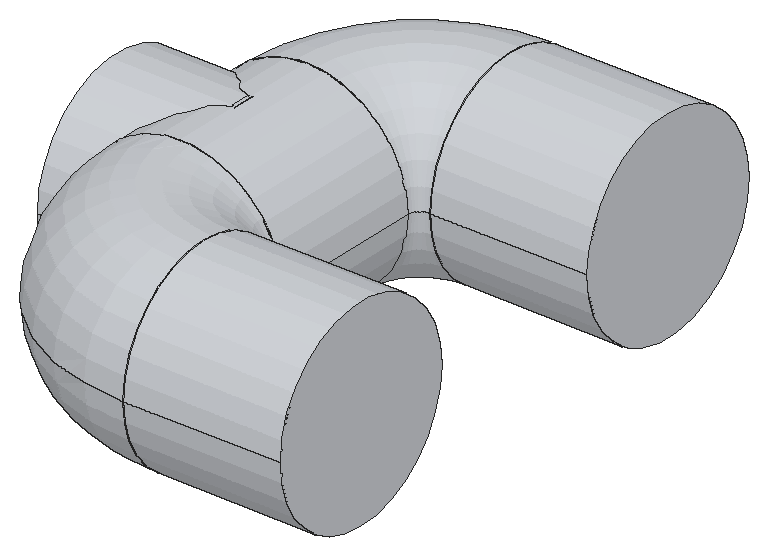
Revit family "M_Conexão do corpo de bombeiros - 2 vias - Corpo de saída nivelado", category Equipamento mecânico, Revit 2019
Family settings
  Cota do conector redondo = Usar raio
  Tipo de parte = Normal
  Número OmniClass = 23.65.70.17.14
  Título OmniClass = Water Fire Fighting Terminals
  ID de item do Seek = Fire Department Connection - 2 Way - Flush Outlet Body-0000-CAN-ENU
  Com base no plano de trabalho = Não
  Sempre na vertical = Sim
  Corte com vazios quando carregada = Não
  Compartilhado = Não
  Ponto de cálculo do ambiente = Não
Parameters (values of type "100 mmx65 mmx65 mm")
  Raio nominal externo = 50 mm
  Diâmetro nominal externo = Raio nominal externo * 2  # 100 mm
  Raio nominal interno = 32.5 mm
  Diâmetro nominal interno = Raio nominal interno * 2  # 65 mm
  Material do corpo da tomada de conexão = none
Reference planes
  plane 1 "Centro (Frente/Trás)": y = 0
  plane 2: z = 0
  plane 3 "Centro (Esquerda/Direita)": x = 0
  plane 4: x = 63.5
  plane 5: y = 96.837
  plane 6: y = -96.838
  plane 7: x = 120.65
  plane 8: y = 39.687
  plane 9: y = -39.688
  plane 10: x = 200.025
  plane 11: y = 33.425
  plane 12: y = -33.338
  plane 13: x = 127
Forms (mm)
  Sweep 1, solid, material <- "Material do corpo da tomada de conexão", detail levels fine
    path in 3D
      loop
        line (0, 0, 0) -> (63.5, 0, 0)
    profile origin (31.75, 0, 0) x (0, 1, 0) y (0, 0, 1)
      loop
        circle (0, 0) r 50.8
  Sweep 2, solid, material <- "Material do corpo da tomada de conexão", detail levels fine
    path in 3D
      loop
        line (63.5, -39.688, 0) -> (63.5, 39.687, 0)
    profile origin (63.5, 0, 0) x (-1, 0, 0) y (0, 0, 1)
      loop
        circle (0, 0) r 50.8
  Sweep 3, solid, material <- "Material do corpo da tomada de conexão", detail levels fine
    path in 3D
      loop
        arc (63.5, 39.687, 0) -> (80.239, 80.099, 0) -> (120.65, 96.837, 0) r 57.15
    profile origin (80.239, 80.099, 0) x (-0.707107, 0.707107, 0) y (0, 0, 1)
      loop
        circle (0.099, 0) r 50.8
  Sweep 4, solid, material <- "Material do corpo da tomada de conexão", detail levels fine
    path in 3D
      loop
        arc (120.65, -96.838, 0) -> (80.239, -80.099, 0) -> (63.5, -39.688, 0) r 57.15
    profile origin (80.239, -80.099, 0) x (-0.707107, -0.707107, 0) y (0, 0, 1)
      loop
        circle (0, 0) r 50.8
  Sweep 5, solid, material <- "Material do corpo da tomada de conexão", detail levels fine
    path in 3D
      loop
        line (120.65, 96.837, 0) -> (200.025, 96.837, 0)
    profile origin (160.338, 96.837, 0) x (0, 1, 0) y (0, 0, 1)
      loop
        circle (0, 0) r 50.809
  Sweep 6, solid, material <- "Material do corpo da tomada de conexão", detail levels fine
    path in 3D
      loop
        line (200.025, -96.838, 0) -> (120.65, -96.838, 0)
    profile origin (160.338, -96.838, 0) x (0, -1, 0) y (0, 0, 1)
      loop
        circle (0, 0) r 50.8
Cuts and joins
  joined: Sweep 1, Sweep 3, Sweep 4
Lines and regions (mm)
  model lines, detail levels coarse+medium
    curve 1: line (0, 0, 0) -> (63.5, 0, 0)
    curve 2: line (63.5, -39.688, 0) -> (63.5, 39.687, 0)
    curve 3: arc (63.5, 39.687, 0) -> (80.239, 80.099, 0) -> (120.65, 96.837, 0) r 57.15
    curve 4: arc (120.65, -96.838, 0) -> (80.239, -80.099, 0) -> (63.5, -39.688, 0) r 57.15
    curve 5: line (120.65, 96.837, 0) -> (200.025, 96.837, 0)
    curve 6: line (200.025, -96.838, 0) -> (120.65, -96.838, 0)
    curve 13: line (200.025, 147.646, 0) -> (200.025, 46.029, 0)
    curve 14: line (200.025, -46.038, 0) -> (200.025, -147.638, 0)
    curve 15: line (0, 50.8, 0) -> (0, -50.8, 0)
  sketch lines
    curve 7: line (0, 0, 0) -> (63.5, 0, 0)
    curve 8: line (63.5, -39.688, 0) -> (63.5, 39.687, 0)
    curve 9: arc (63.5, 39.687, 0) -> (80.239, 80.099, 0) -> (120.65, 96.837, 0) r 57.15
    curve 10: arc (120.65, -96.838, 0) -> (80.239, -80.099, 0) -> (63.5, -39.688, 0) r 57.15
    curve 11: line (120.65, 96.837, 0) -> (200.025, 96.837, 0)
    curve 12: line (200.025, -96.838, 0) -> (120.65, -96.838, 0)
Dimensions and locks
  locked: plane 3 "Centro (Esquerda/Direita)" to plane 4 at 63.5
  equal spacing: plane 5, plane 1 "Centro (Frente/Trás)", plane 6
  locked: plane 5 to plane 6 at 193.675
  locked: plane 4 to plane 7 at 57.15
  equal spacing: plane 8, plane 1 "Centro (Frente/Trás)", plane 9
  locked: plane 8 to plane 9 at 79.375
  locked: plane 3 "Centro (Esquerda/Direita)" to plane 10 at 200.025
  locked: plane 11 to plane 8 at 6.263
  locked: plane 9 to plane 12 at 6.35
  plane 7 to plane 13 = 6.35 mm
  radius of Sweep 1 sketch curve = 50.8 mm
  radius of Sweep 2 sketch curve = 50.8 mm
  radius of Sweep 3 sketch curve = 50.8 mm
  radius of Sweep 4 sketch curve = 50.8 mm
  radius of Sweep 5 sketch curve = 50.809 mm
  radius of Sweep 6 sketch curve = 50.8 mm
  aligned and locked: curve 5 to plane 5
  aligned and locked: curve 6 to plane 6
  aligned and locked: plane 1 "Centro (Frente/Trás)" to curve 1
  aligned and locked: plane 10 to curve 5
  aligned and locked: plane 7 to curve 6
  aligned and locked: plane 10 to curve 6
  aligned and locked: plane 3 "Centro (Esquerda/Direita)" to curve 1
  aligned and locked: plane 4 to curve 1
  aligned and locked: plane 4 to curve 3
  aligned and locked: plane 7 to curve 3
  aligned and locked: plane 10 to Sweep 5
  aligned and locked: Sweep 6 to plane 10
  aligned and locked: curve 15 to plane 3 "Centro (Esquerda/Direita)"
Automatic sketch dimensions
  Sweep 1 sketch curve to profile plane = 0 mm  (x2)
  Sweep 2 sketch curve to profile plane = 0 mm  (x2)
  Sweep 3 sketch curve to profile plane = 0 mm
  Sweep 3 sketch curve to profile plane = 0.099 mm
  Sweep 4 sketch curve to profile plane = 0 mm  (x2)
  Sweep 5 sketch curve to profile plane = 0 mm  (x2)
  Sweep 6 sketch curve to profile plane = 0 mm  (x2)
  curve 15 to plane 9 = 11.113 mm
  plane 8 to curve 15 = 11.112 mm
  curve 5 to curve 13 = 50.809 mm
  plane 8 to curve 13 = 6.341 mm
  plane 6 to curve 14 = 50.8 mm
  curve 14 to plane 9 = 6.35 mm
Connectors
  piping at (200.025, 96.837, 0), diameter 65, driven by "Raio nominal interno"
    settings: on Sweep 5, index 1, connector inside diameter 65 mm, connector length 0 mm, flow factor 0, pipe flow 0.0 L/s, pressure drop 0.0 Pa, fitting loss kfactor 0, connector angle 0.00°, fixture units 0, engagement length 0 mm, angle of deflection 0.00°, flow configuration 0, flow direction 1, fitting loss method 0, system type 29, joint type 0, gender type 0, connector reference index -1, connector utility 0, adjustable connector no, is connector primary yes, connector description "In"
  piping at (200.025, -96.838, 0), diameter 65, driven by "Raio nominal interno"
    settings: on Sweep 6, index 2, connector inside diameter 65 mm, connector length 0 mm, flow factor 0, pipe flow 0.0 L/s, pressure drop 0.0 Pa, fitting loss kfactor 0, connector angle 0.00°, fixture units 0, engagement length 0 mm, angle of deflection 0.00°, flow configuration 0, flow direction 1, fitting loss method 0, system type 29, joint type 0, gender type 0, connector reference index -1, connector utility 0, adjustable connector no, is connector primary no, connector description "In"
  piping at (0, 0, 0), diameter 100, driven by "Raio nominal externo"
    settings: on cut or joined group of Sweep 1, Sweep 3, Sweep 4, index 3, connector inside diameter 100 mm, connector length 0 mm, flow factor 0, pipe flow 0.0 L/s, pressure drop 0.0 Pa, fitting loss kfactor 0, connector angle 0.00°, fixture units 0, engagement length 0 mm, angle of deflection 0.00°, flow configuration 0, flow direction 2, fitting loss method 0, system type 29, joint type 0, gender type 0, connector reference index -1, connector utility 0, adjustable connector no, is connector primary no, connector description "Saída"
